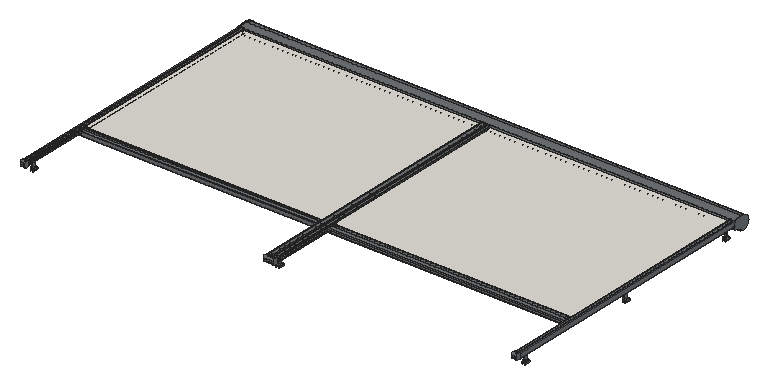
Revit family "Verano_V610_Oslo_GM-FB_R21", category Generic Models, host Face, Revit 2021
Family settings
  Host = Face
  Can host rebar = No
  Round Connector Dimension = Use Diameter
  Part Type = Normal
  Cut with Voids When Loaded = No
  Shared = No
  Room Calculation Point = No
Parameters
  Width Input (2000 - 10000mm) [instance] = 6000 mm
  Width [instance] = Overall Width Constraint  # 6000 mm
  Warning - Width [instance] = if(or([Width Input (2000 - 10000mm)] < Minimal Width, [Width Input (2000 - 10000mm)] > Maximal Width), 1 = 1, 1 = 0)  # no
  Warning - Size [instance] = if(or(Size1, Size2), 1 = 1, 1 = 0)  # no
  Warning - Idler [instance] = (if(or(I1, I2), 1 = 1, 1 = 0))  # no
  Wall Profile Offset [instance] = 95 mm  # constant formula
  Wall Offset [instance] = 73 mm
  Wall Gap [instance] = Wall Offset - 73 mm  # 0 mm
  URL = "https://verano.nl/catalogus/verandazonwering"
  Sliding Profile Wall Offset [instance] = Wall Offset + 126 mm  # 199 mm
  Sliding Profile Length [instance] = Overall Projection Constraint - 199 mm - 44 mm  # 3257 mm
  Size2 [instance] = if(and(Overall Width Constraint < 2500 mm, Overall Projection Constraint > 3500 mm), 1 = 1, 1 = 0)  # no
  Size1 [instance] = if(and(Overall Width Constraint < 2250 mm, Overall Projection Constraint > 2500 mm), 1 = 1, 1 = 0)  # no
  Projection (1500 - 5000mm) [instance] = 3500 mm
  Projection [instance] = Overall Projection Constraint  # 3500 mm
  Overall Width Constraint [instance] = if([Width Input (2000 - 10000mm)] < Minimal Width, Minimal Width, if([Width Input (2000 - 10000mm)] > Maximal Width, Maximal Width, [Width Input (2000 - 10000mm)]))  # 6000 mm
  Overall Projection Constraint [instance] = if([Projection (1500 - 5000mm)] < Minimal Projection, Minimal Projection, if([Projection (1500 - 5000mm)] > Maximal Projection, Maximal Projection, [Projection (1500 - 5000mm)]))  # 3500 mm
  Operation = "Electric"
  Number of Feet [instance] = if(and(Overall Projection Constraint > 1500 mm, Overall Projection Constraint < 2500 mm), 2, if(and(Overall Projection Constraint > 2501 mm, Overall Projection Constraint < 4000 mm), 3, 4))  # 3
  Model = "V610 Oslo"
  Minimal Width [instance] = 2000 mm  # constant formula
  Minimal Projection [instance] = 1500 mm  # constant formula
  Maximal Width [instance] = 10000 mm  # constant formula
  Maximal Projection [instance] = 5000 mm  # constant formula
  Manufacturer = "Verano Systems"
  I2 [instance] = if(and(Overall Width Constraint > 8000 mm, Overall Projection Constraint > 3500 mm), 1 = 1, 1 = 0)  # no
  I1 [instance] = if(and(Overall Width Constraint > 4000 mm, Overall Projection Constraint > 3500 mm), 1 = 1, 1 = 0)  # no
  Front Bar Offset [instance] = if(Closing Percentage Constraint = 0, 10 mm, (Sliding Profile Length - 46 mm) * Closing Percentage Constraint / 100)  # 2408.25 mm
  Front Bar Nesting Distance [instance] = Overall Width Constraint / 4  # 1500 mm
  Frame Material [instance] = V_Antracite
  Foot Divider [instance] = Overall Projection Constraint - 159 mm - 314 mm  # 3027 mm
  Foot Distance [instance] = Foot Divider / (Number of Feet - 1)  # 1513.5 mm
  Fabric Material [instance] = V_Fabric Beige
  Fabric Length [instance] = if(Closing Percentage Constraint = 0, 10 mm, (Sliding Profile Length - 46 mm) * Closing Percentage Constraint / 100)  # 2408.25 mm
  Description = "De verandazonwering Oslo fungeert als zonwering aan de bovenzijde van jouw overkapping."
  Default Elevation = 0 mm
  Closing percentage ( 1 - 100) [instance] = 75
  Closing Percentage Constraint [instance] = if([Closing percentage ( 1 - 100)] > 100, 100, if([Closing percentage ( 1 - 100)] < 0, 0, [Closing percentage ( 1 - 100)]))  # 75
  2 - Part Front Bar Length [instance] = Overall Width Constraint / 2 - 2 * 63 mm  # 2874 mm
  2 - Part [instance] = Overall Width Constraint > 5001 mm  # yes
  1 - Part Front Bar Length [instance] = Overall Width Constraint - 2 * 63 mm  # 5874 mm
  1 - Part [instance] = not(Overall Width Constraint > 5000 mm)  # no
Reference planes
  plane 1 "Center (Front/Back)": y = 0
  plane 2: z = 0
  plane 3 "Center (Left/Right)": x = 0
  plane 4: x = 3000
  plane 5: x = -3000
  plane 6 "Front 2": y = -199
  plane 7: x = -2973
  plane 8: x = 2973
  plane 9: x = -30
  plane 10: x = 30
  plane 11: y = -73
  plane 12: y = -3500
  plane 13: y = 0
  plane 14 "Fabric": z = 143
  plane 15: z = 144
  plane 16: z = 142
  plane 17: x = -15
  plane 18: x = 15
  plane 19: x = -2985
  plane 20: x = 2985
  plane 21 "Front 3": y = -3456
  plane 22: y = -2607.25
  plane 23: y = -314
  plane 24: y = -3341
  plane 25: y = -1827.5
  plane 26: x = -1500
  plane 27: x = 1500
Forms (mm)
  Extrusion 1, solid, material "V_Fabric Beige" <- "Fabric Material", visible <- "2 - Part"
    sketch origin (0, -199, 0) x (1, 0, 0) y (0, 0, 1)
      loop
        line (-2985, 144) -> (-2985, 142) -> (-15, 142) -> (-15, 144) -> (-2985, 144)
    from 0 to 2408.25 <- "Fabric Length"
  Extrusion 2, solid, material "V_Fabric Beige" <- "Fabric Material", visible <- "2 - Part"
    sketch origin (0, -199, 0) x (1, 0, 0) y (0, 0, 1)
      loop
        line (15, 144) -> (15, 142) -> (2985, 142) -> (2985, 144) -> (15, 144)
    from 0 to 2408.25 <- "Fabric Length"
  Extrusion 3, solid, material "V_Fabric Beige" <- "Fabric Material", visible <- "1 - Part"
    sketch origin (0, -199, 0) x (1, 0, 0) y (0, 0, 1)
      loop
        line (-2985, 144) -> (-2985, 142) -> (2985, 142) -> (2985, 144) -> (-2985, 144)
    from 0 to 2408.25 <- "Fabric Length"
Dimensions and locks
  equal spacing: plane 5, plane 3 "Center (Left/Right)", plane 4
  "Overall Width Constraint": plane 5 to plane 4
  "Sliding Profile Wall Offset": plane 6 "Front 2" to plane 1 "Center (Front/Back)"
  locked: plane 5 to plane 7 at 27
  locked: plane 8 to plane 4 at 27
  locked: plane 9 to plane 3 "Center (Left/Right)" at 30
  locked: plane 3 "Center (Left/Right)" to plane 10 at 30
  "Wall Offset": plane 11 to plane 1 "Center (Front/Back)"
  plane 6 "Front 2" to plane 11 = 126 mm
  "Overall Projection Constraint": plane 12 to plane 13
  "Wall Gap": plane 13 to plane 1 "Center (Front/Back)"
  locked: plane 14 "Fabric" to level at 143
  locked: plane 15 to plane 16 at 2
  equal spacing: plane 15, plane 14 "Fabric", plane 16
  locked: plane 3 "Center (Left/Right)" to plane 17 at 15
  locked: plane 18 to plane 3 "Center (Left/Right)" at 15
  locked: plane 19 to plane 5 at 15
  locked: plane 4 to plane 20 at 15
  "Sliding Profile Length": plane 21 "Front 3" to plane 6 "Front 2"
  "Front Bar Offset": plane 22 to plane 6 "Front 2"
  locked: plane 24 to plane 21 "Front 3" at 115
  plane 24 to plane 23 = 3027 mm
  locked: plane 23 to plane 6 "Front 2" at 115
  "Foot Distance": plane 25 to plane 23
  equal spacing: group 1, group 2, group 3  (x2)
  equal spacing: group 3, group 2, group 1
  equal spacing: group 4, group 5, group 6  (x2)
  equal spacing: group 6, group 5, group 4
  equal spacing: group 7, group 8, group 9  (x2)
  equal spacing: group 9, group 8, group 7
  "Front Bar Nesting Distance": plane 5 to plane 26
  "Front Bar Nesting Distance": plane 27 to plane 4
  aligned and locked: host face to plane 2
  aligned and locked: host face to level
  aligned and locked: nested 2 to plane 6 "Front 2"
  aligned and locked: nested 2 to plane 7
  aligned and locked: nested 3 to plane 6 "Front 2"
  aligned and locked: nested 3 to plane 8
  aligned and locked: plane 6 "Front 2" to nested 4
  aligned and locked: nested 4 to plane 3 "Center (Left/Right)"
  aligned and locked: nested 1 to plane 11
  aligned and locked: plane 3 "Center (Left/Right)" to nested 1
  aligned and locked: Extrusion 1 to plane 19
  aligned and locked: plane 15 to Extrusion 1
  aligned and locked: Extrusion 1 to plane 16
  aligned and locked: plane 17 to Extrusion 1
  aligned and locked: Extrusion 2 sketch curve to plane 15
  aligned and locked: Extrusion 2 sketch curve to plane 16
  aligned and locked: Extrusion 2 sketch curve to plane 20
  aligned and locked: Extrusion 2 sketch curve to plane 18
  aligned and locked: Extrusion 3 sketch curve to plane 19
  aligned and locked: Extrusion 3 sketch curve to plane 15
  aligned and locked: Extrusion 3 sketch curve to plane 16
  aligned and locked: Extrusion 3 sketch curve to plane 20
  aligned and locked: nested 5 to plane 3 "Center (Left/Right)"
  aligned and locked: nested 5 to plane 22
  aligned and locked: plane 7 to nested 7
  aligned and locked: plane 8 to nested 8
  aligned and locked: plane 23 to nested 7
  aligned and locked: plane 23 to nested 6
  aligned and locked: plane 23 to nested 8
  aligned and locked: nested 9 to plane 25
  aligned and locked: nested 9 to plane 7
  aligned and locked: nested 11 to plane 25
  aligned and locked: nested 11 to plane 8
  aligned and locked: nested 13 to plane 25
  aligned and locked: nested 13 to plane 3 "Center (Left/Right)"
  aligned and locked: nested 15 to plane 22
  aligned and locked: nested 15 to plane 26
  aligned and locked: nested 16 to plane 22
  aligned and locked: nested 16 to plane 27
Automatic sketch dimensions
  host sketch curve to host sketch curve = 7358.393 mm
  host sketch curve to host sketch curve = 7720.161 mm
  Extrusion 1 sketch curve to plane 16 = 0 mm
  Extrusion 1 sketch curve to plane 19 = 0 mm
  Extrusion 1 sketch curve to plane 17 = 0 mm
  Extrusion 1 sketch curve to plane 15 = 0 mm
Nested families
  nested 1: "Wall Part" at (0, 0, 95), built-in parameter 1001360 <- "Wall Profile Offset", type "Wall Part"
    with Minimal Wall Distance 73 mm, Length 6000 mm
  nested 2: "Sliding Profile" at (-2973, -199, 0), type "Sliding Profile"
    with Sliding Profile Length 3257 mm
  nested 3: "Sliding Profile" at (2973, -199, 0) x (-1, 0, 0) z (0, 0, 1), type "Sliding Profile"
    with Sliding Profile Length 3257 mm
  nested 4: "Sliding Profile Middle" at (0, -199, 0), visible <- "2 - Part", type "Sliding Profile Middle"
    with Sliding Profile Length 3257 mm
  nested 5: "Front Bar" at (0, -2607.25, 143), visible <- "1 - Part", type "Front Bar"
    with Length 5874 mm
  nested 6: "Foot" at (0, -314, 0), visible <- "2 - Part", type "Foot"
  nested 7: "Foot" at (-2973, -314, 0), type "Foot"
  nested 8: "Foot" at (2973, -314, 0), type "Foot"
  nested 9: "Foot" at (-2973, -1827.5, 0), type "Foot"
  nested 10: "Foot" at (-2973, -3341, 0), type "Foot"
  nested 11: "Foot" at (2973, -1827.5, 0), type "Foot"
  nested 12: "Foot" at (2973, -3341, 0), type "Foot"
  nested 13: "Foot" at (0, -1827.5, 0), visible <- "2 - Part", type "Foot"
  nested 14: "Foot" at (0, -3341, 0), visible <- "2 - Part", type "Foot"
  nested 15: "Front Bar" at (-1500, -2607.25, 143), visible <- "2 - Part", type "Front Bar 2 - Part"
    with Length 2874 mm
  nested 16: "Front Bar" at (1500, -2607.25, 143), visible <- "2 - Part", type "Front Bar 2 - Part"
    with Length 2874 mm
Definition of nested family "Wall Part"
  Parameters (values of type "Wall Part")
    Minimal Wall Distance = 173 mm
    Length = 3000 mm
    Frame Material = none
    Default Elevation = 0 mm
  Reference planes
    plane 1 "Center (Front/Back)": y = 0
    plane 2: z = 0
    plane 3 "Center (Left/Right)": x = 0
    plane 4 "Right": x = 1500
    plane 5 "Left": x = -1500
    plane 6: x = -1493
    plane 7: x = 1493
    plane 8: y = -73
  Forms (mm)
    Extrusion 1, solid, material <- "Frame Material"
      sketch origin (0, 0, 0) x (0, 1, 0) y (0, 0, 1)
        loop
          arc (-94.289, 81.637) -> (-145.741, 81.803) -> (-196.854, 75.9) r 435.635
          line (-196.854, 75.9) -> (-196.854, 70.44) -> (-194.854, 70.44) -> (-194.854, 74.218)
          arc (-194.854, 74.218) -> (-144.768, 79.853) -> (-94.367, 79.638) r 433.635
          arc (-94.367, 79.638) -> (-68.04, 76.793) -> (-42.677, 69.184) r 144.254
          arc (-42.677, 69.184) -> (-15.531, 47.615) -> (-4.524, 14.738) r 61
          line (-4.524, 14.738) -> (-4, -0.256)
          arc (-4, -0.256) -> (-24.3, -48.881) -> (-73, -69) r 69
          line (-73, -69) -> (-77.834, -69)
          arc (-77.834, -69) -> (-112.807, -59.48) -> (-138.13, -33.547) r 69
          arc (-138.13, -33.547) -> (-163.082, -27.222) -> (-187.804, -20.05) r 753.644
          arc (-187.804, -20.05) -> (-192.901, -16.432) -> (-194.854, -10.495) r 10
          line (-194.854, -10.495) -> (-194.854, 21.539) -> (-196.854, 21.539) -> (-196.854, -10.495)
          arc (-196.854, -10.495) -> (-194.51, -17.619) -> (-188.394, -21.961) r 12
          arc (-188.394, -21.961) -> (-164.03, -29.037) -> (-139.441, -35.292) r 755.644
          arc (-139.441, -35.292) -> (-113.438, -61.428) -> (-77.834, -71) r 71
          line (-77.834, -71) -> (-73, -71)
          arc (-73, -71) -> (-22.875, -50.284) -> (-2, -0.225) r 71
          line (-2, -0.225) -> (-2.525, 14.808)
          arc (-2.525, 14.808) -> (-13.893, 48.763) -> (-41.929, 71.039) r 63
          arc (-41.929, 71.039) -> (-67.621, 78.749) -> (-94.289, 81.637) r 146.254
      from -1493 to 1493
    Extrusion 2, solid, material <- "Frame Material"
      sketch origin (-1500, 0, 0) x (0, 1, 0) y (0, 0, 1)
        loop
          arc (-197.2, 77.87) -> (-198.386, 77.186) -> (-198.854, 75.9) r 2
          line (-198.854, 75.9) -> (-198.854, -10.495)
          arc (-198.854, -10.495) -> (-196.119, -18.807) -> (-188.984, -23.872) r 14
          arc (-188.984, -23.872) -> (-165.775, -30.634) -> (-142.363, -36.652) r 757.644
          arc (-142.363, -36.652) -> (-140.953, -37.3) -> (-139.896, -38.435) r 4
          arc (-139.896, -38.435) -> (-113.353, -63.776) -> (-77.834, -73) r 73
          line (-77.834, -73) -> (-73, -73)
          arc (-73, -73) -> (-21.449, -51.687) -> (0, -0.193) r 73
          line (0, -0.193) -> (-0.527, 14.878)
          arc (-0.527, 14.878) -> (-12.255, 49.911) -> (-41.181, 72.894) r 65
          arc (-41.181, 72.894) -> (-67.201, 80.705) -> (-94.21, 83.636) r 148.254
          arc (-94.21, 83.636) -> (-145.876, 83.798) -> (-197.2, 77.87) r 437.635
      from 0 to 7
    Extrusion 3, solid, material <- "Frame Material"
      sketch origin (1500, 0, 0) x (0, 1, 0) y (0, 0, -1)
        loop
          arc (-197.2, -77.87) -> (-145.876, -83.798) -> (-94.21, -83.636) r 437.635
          arc (-94.21, -83.636) -> (-67.201, -80.705) -> (-41.181, -72.894) r 148.254
          arc (-41.181, -72.894) -> (-12.255, -49.911) -> (-0.527, -14.878) r 65
          line (-0.527, -14.878) -> (0, 0.193)
          arc (0, 0.193) -> (-21.449, 51.687) -> (-73, 73) r 73
          line (-73, 73) -> (-77.834, 73)
          arc (-77.834, 73) -> (-113.353, 63.776) -> (-139.896, 38.435) r 73
          arc (-139.896, 38.435) -> (-140.953, 37.3) -> (-142.363, 36.652) r 4
          arc (-142.363, 36.652) -> (-165.775, 30.634) -> (-188.984, 23.872) r 757.644
          arc (-188.984, 23.872) -> (-196.119, 18.807) -> (-198.854, 10.495) r 14
          line (-198.854, 10.495) -> (-198.854, -75.9)
          arc (-198.854, -75.9) -> (-198.386, -77.186) -> (-197.2, -77.87) r 2
      from 0 to 7
  Dimensions and locks
    equal spacing: plane 5 "Left", plane 3 "Center (Left/Right)", plane 4 "Right"
    "Length": plane 5 "Left" to plane 4 "Right"
    locked: plane 5 "Left" to plane 6 at 7
    locked: plane 7 to plane 4 "Right" at 7
    aligned and locked: level to plane 2
    aligned and locked: Extrusion 1 to plane 6
    aligned and locked: plane 7 to Extrusion 1
    aligned and locked: Extrusion 2 to plane 5 "Left"
    aligned and locked: plane 6 to Extrusion 2
    aligned and locked: plane 4 "Right" to Extrusion 3
    aligned and locked: Extrusion 3 to plane 7
  Automatic sketch dimensions
    Extrusion 1 sketch curve to Extrusion 1 sketch curve = 0 mm  (x14)
    Extrusion 1 sketch curve to level = 0 mm  (x2)
    Extrusion 1 sketch curve to plane 8 = 0 mm
    plane 8 to Extrusion 1 sketch curve = 4.834 mm
    Extrusion 1 sketch curve to Extrusion 1 sketch curve = 18.803 mm
    plane 8 to Extrusion 1 sketch curve = 48.41 mm
    Extrusion 1 sketch curve to level = 10.495 mm
    Extrusion 1 sketch curve to Extrusion 1 sketch curve = 88.217 mm
    Extrusion 1 sketch curve to Extrusion 1 sketch curve = 10 mm  (x2)
    Extrusion 1 sketch curve to Extrusion 1 sketch curve = 2 mm  (x2)
    Extrusion 1 sketch curve to plane 8 = 7.513 mm
    plane 1 "Center (Front/Back)" to Extrusion 1 sketch curve = 4.524 mm
    Extrusion 1 sketch curve to level = 0.256 mm
    plane 1 "Center (Front/Back)" to Extrusion 1 sketch curve = 4 mm
    Extrusion 1 sketch curve to Extrusion 1 sketch curve = 1.999 mm
    Extrusion 1 sketch curve to level = 0.225 mm
    plane 1 "Center (Front/Back)" to Extrusion 1 sketch curve = 2 mm
    Extrusion 1 sketch curve to plane 1 "Center (Front/Back)" = 34.529 mm
    Extrusion 1 sketch curve to Extrusion 1 sketch curve = 282.152 mm
    Extrusion 1 sketch curve to Extrusion 1 sketch curve = 4.403 mm
    level to Extrusion 1 sketch curve = 12.609 mm
    level to Extrusion 1 sketch curve = 14.738 mm
    Extrusion 1 sketch curve to Extrusion 1 sketch curve = 0.07 mm
    level to Extrusion 1 sketch curve = 21.539 mm
    Extrusion 1 sketch curve to Extrusion 1 sketch curve = 48.901 mm
    Extrusion 1 sketch curve to Extrusion 1 sketch curve = 3.778 mm
    Extrusion 1 sketch curve to Extrusion 1 sketch curve = 1.682 mm
    Extrusion 1 sketch curve to Extrusion 1 sketch curve = 624.152 mm
    Extrusion 1 sketch curve to Extrusion 1 sketch curve = 28.802 mm
    Extrusion 1 sketch curve to Extrusion 1 sketch curve = 0.078 mm
    Extrusion 1 sketch curve to level = 33.547 mm
    Extrusion 1 sketch curve to Extrusion 1 sketch curve = 1.311 mm
    Extrusion 2 sketch curve to level = 0 mm  (x2)
    Extrusion 2 sketch curve to plane 8 = 0 mm
    plane 8 to Extrusion 2 sketch curve = 4.834 mm
    Extrusion 2 sketch curve to Extrusion 2 sketch curve = 18.803 mm
    plane 8 to Extrusion 2 sketch curve = 48.41 mm
    Extrusion 2 sketch curve to Extrusion 2 sketch curve = 46.66 mm
    Extrusion 2 sketch curve to level = 10.495 mm
    Extrusion 2 sketch curve to Extrusion 2 sketch curve = 41.557 mm
    Extrusion 2 sketch curve to Extrusion 2 sketch curve = 12 mm
    Extrusion 2 sketch curve to Extrusion 2 sketch curve = 14 mm
    Extrusion 2 sketch curve to plane 8 = 7.513 mm
    plane 1 "Center (Front/Back)" to Extrusion 2 sketch curve = 0.527 mm
    plane 1 "Center (Front/Back)" to Extrusion 2 sketch curve = 0 mm
    Extrusion 2 sketch curve to plane 1 "Center (Front/Back)" = 34.529 mm
    Extrusion 2 sketch curve to level = 40.541 mm
    Extrusion 2 sketch curve to Extrusion 2 sketch curve = 24.056 mm
    Extrusion 2 sketch curve to Extrusion 2 sketch curve = 8.403 mm
    Extrusion 2 sketch curve to Extrusion 2 sketch curve = 280.152 mm
    level to Extrusion 2 sketch curve = 12.609 mm
    level to Extrusion 2 sketch curve = 14.878 mm
    level to Extrusion 2 sketch curve = 75.9 mm
    Extrusion 2 sketch curve to Extrusion 2 sketch curve = 622.183 mm
    plane 8 to Extrusion 2 sketch curve = 21.21 mm
    Extrusion 2 sketch curve to Extrusion 2 sketch curve = 3.401 mm
    Extrusion 2 sketch curve to Extrusion 2 sketch curve = 0 mm  (x2)
    Extrusion 2 sketch curve to Extrusion 2 sketch curve = 2.467 mm
    Extrusion 2 sketch curve to plane 8 = 31.819 mm
    Extrusion 3 sketch curve to level = 0 mm  (x2)
    Extrusion 3 sketch curve to plane 8 = 0 mm
    plane 8 to Extrusion 3 sketch curve = 4.834 mm
    Extrusion 3 sketch curve to Extrusion 3 sketch curve = 18.803 mm
    plane 8 to Extrusion 3 sketch curve = 48.41 mm
    Extrusion 3 sketch curve to Extrusion 3 sketch curve = 46.66 mm
    Extrusion 3 sketch curve to level = 10.495 mm
    Extrusion 3 sketch curve to Extrusion 3 sketch curve = 41.557 mm
    Extrusion 3 sketch curve to Extrusion 3 sketch curve = 12 mm
    Extrusion 3 sketch curve to Extrusion 3 sketch curve = 14 mm
    Extrusion 3 sketch curve to plane 8 = 7.513 mm
    plane 1 "Center (Front/Back)" to Extrusion 3 sketch curve = 0.527 mm
    plane 1 "Center (Front/Back)" to Extrusion 3 sketch curve = 0 mm
    Extrusion 3 sketch curve to plane 1 "Center (Front/Back)" = 34.529 mm
    level to Extrusion 3 sketch curve = 12.609 mm
    level to Extrusion 3 sketch curve = 14.878 mm
    level to Extrusion 3 sketch curve = 75.9 mm
    Extrusion 3 sketch curve to Extrusion 3 sketch curve = 624.152 mm
    Extrusion 3 sketch curve to level = 0.193 mm
    Extrusion 3 sketch curve to level = 40.541 mm
    Extrusion 3 sketch curve to Extrusion 3 sketch curve = 8.403 mm
    Extrusion 3 sketch curve to Extrusion 3 sketch curve = 280.152 mm
    plane 8 to Extrusion 3 sketch curve = 21.21 mm
    Extrusion 3 sketch curve to Extrusion 3 sketch curve = 3.401 mm
    Extrusion 3 sketch curve to Extrusion 3 sketch curve = 0 mm  (x2)
    Extrusion 3 sketch curve to Extrusion 3 sketch curve = 2.467 mm
    Extrusion 3 sketch curve to plane 8 = 31.819 mm
Definition of nested family "Sliding Profile"
  Parameters (values of type "Sliding Profile")
    Sliding Profile Length = 1000 mm
    Frame Material = none
    Default Elevation = 0 mm
  Reference planes
    plane 1 "Center (Front/Back)": y = 0
    plane 2: z = 0
    plane 3 "Center (Left/Right)": x = 0
    plane 4: y = -1000
  Forms (mm)
    Extrusion 1, solid, material <- "Frame Material"
      sketch origin (0, 0, 0) x (1, 0, 0) y (0, 0, 1)
        loop
          line (25.307, 169.416) -> (-22.749, 169.416)
          arc (-22.749, 169.416) -> (-25.577, 168.245) -> (-26.749, 165.416) r 4
          line (-26.749, 165.416) -> (-26.75, 108.382)
          arc (-26.75, 108.382) -> (-25.567, 105.576) -> (-22.75, 104.416) r 4
          line (-22.75, 104.416) -> (-5.25, 104.416) -> (-5.25, 106.216) -> (-14.95, 106.216) -> (-14.95, 116.315) -> (6.558, 116.315) -> (11.85, 113.26) -> (11.85, 106.216) -> (5.25, 106.216) -> (5.25, 104.416) -> (25.307, 104.416)
          arc (25.307, 104.416) -> (28.252, 104.86) -> (30.935, 106.15) r 10
          arc (30.935, 106.15) -> (32.862, 108.304) -> (33.558, 111.11) r 6
          line (33.558, 111.11) -> (33.558, 126.916)
          arc (33.558, 126.916) -> (31.11, 128.078) -> (31.758, 125.447) r 1.5
          line (31.758, 125.447) -> (31.758, 111.11)
          arc (31.758, 111.11) -> (31.271, 109.146) -> (29.922, 107.638) r 4.2
          arc (29.922, 107.638) -> (27.722, 106.58) -> (25.307, 106.216) r 8.2
          line (25.307, 106.216) -> (13.65, 106.216) -> (13.65, 112.971)
          arc (13.65, 112.971) -> (13.342, 114.121) -> (12.5, 114.963) r 2.3
          line (12.5, 114.963) -> (7.575, 117.806)
          arc (7.575, 117.806) -> (7.02, 118.037) -> (6.424, 118.115) r 2.3
          line (6.424, 118.115) -> (-4.449, 118.116) -> (-4.449, 127.416) -> (2.451, 127.416)
          arc (2.451, 127.416) -> (4.007, 128.06) -> (4.651, 129.616) r 2.2
          line (4.651, 129.616) -> (4.651, 132.216) -> (2.851, 132.216) -> (2.851, 129.216) -> (-12.949, 129.216)
          arc (-12.949, 129.216) -> (-13.656, 129.509) -> (-13.949, 130.216) r 1
          line (-13.949, 130.216) -> (-13.949, 158.216)
          arc (-13.949, 158.216) -> (-13.656, 158.923) -> (-12.949, 159.216) r 1
          line (-12.949, 159.216) -> (2.851, 159.216) -> (2.851, 156.216) -> (4.651, 156.216) -> (4.651, 158.816)
          arc (4.651, 158.816) -> (4.007, 160.372) -> (2.451, 161.016) r 2.2
          line (2.451, 161.016) -> (-4.449, 161.016) -> (-4.449, 167.616) -> (25.307, 167.616)
          arc (25.307, 167.616) -> (27.722, 167.253) -> (29.922, 166.195) r 8.2
          arc (29.922, 166.195) -> (30.83, 165.356) -> (31.455, 164.29) r 4.2
          arc (31.455, 164.29) -> (31.212, 161.678) -> (33.557, 162.852) r 1.5
          arc (33.557, 162.852) -> (32.832, 165.585) -> (30.935, 167.682) r 6
          arc (30.935, 167.682) -> (28.252, 168.973) -> (25.307, 169.416) r 10
      from 0 to 1000 <- "Sliding Profile Length"
    Extrusion 2, solid, material <- "Frame Material"
      sketch origin (0, 0, 0) x (0, 1, 0) y (0, 0, 1)
        loop
          arc (-1044, 124.416) -> (-1038.142, 110.274) -> (-1024, 104.416) r 20
          line (-1024, 104.416) -> (-1000, 104.416) -> (-1000, 169.416) -> (-1024, 169.416)
          arc (-1024, 169.416) -> (-1038.142, 163.558) -> (-1044, 149.416) r 20
          line (-1044, 149.416) -> (-1044, 124.416)
      from -26.75 to 33.558
  Dimensions and locks
    "Sliding Profile Length": plane 4 to plane 1 "Center (Front/Back)"
    aligned and locked: level to plane 2
  Automatic sketch dimensions
    Extrusion 1 sketch curve to Extrusion 1 sketch curve = 0 mm  (x19)
    Extrusion 1 sketch curve to plane 3 "Center (Left/Right)" = 26.75 mm
    Extrusion 1 sketch curve to Extrusion 1 sketch curve = 4 mm  (x2)
    Extrusion 1 sketch curve to plane 3 "Center (Left/Right)" = 22.749 mm
    Extrusion 1 sketch curve to Extrusion 1 sketch curve = 7.801 mm
    Extrusion 1 sketch curve to Extrusion 1 sketch curve = 1.001 mm
    Extrusion 1 sketch curve to Extrusion 1 sketch curve = 1 mm  (x2)
    Extrusion 1 sketch curve to plane 3 "Center (Left/Right)" = 5.25 mm
    Extrusion 1 sketch curve to plane 3 "Center (Left/Right)" = 4.449 mm  (x2)
    plane 3 "Center (Left/Right)" to Extrusion 1 sketch curve = 2.451 mm  (x2)
    Extrusion 1 sketch curve to Extrusion 1 sketch curve = 0.4 mm  (x4)
    Extrusion 1 sketch curve to Extrusion 1 sketch curve = 1.8 mm  (x9)
    plane 3 "Center (Left/Right)" to Extrusion 1 sketch curve = 5.25 mm
    plane 3 "Center (Left/Right)" to Extrusion 1 sketch curve = 6.424 mm
    Extrusion 1 sketch curve to Extrusion 1 sketch curve = 0.134 mm
    Extrusion 1 sketch curve to Extrusion 1 sketch curve = 1.151 mm
    Extrusion 1 sketch curve to Extrusion 1 sketch curve = 4.926 mm
    Extrusion 1 sketch curve to Extrusion 1 sketch curve = 0.5 mm
    Extrusion 1 sketch curve to Extrusion 1 sketch curve = 20.656 mm
    Extrusion 1 sketch curve to Extrusion 1 sketch curve = 11.657 mm
    Extrusion 1 sketch curve to Extrusion 1 sketch curve = 2.251 mm  (x2)
    Extrusion 1 sketch curve to Extrusion 1 sketch curve = 6.451 mm
    Extrusion 1 sketch curve to Extrusion 1 sketch curve = 0.3 mm
    Extrusion 1 sketch curve to Extrusion 1 sketch curve = 4.5 mm
    level to Extrusion 1 sketch curve = 104.416 mm
    Extrusion 1 sketch curve to Extrusion 1 sketch curve = 3.966 mm
    Extrusion 1 sketch curve to Extrusion 1 sketch curve = 4.894 mm
    Extrusion 1 sketch curve to Extrusion 1 sketch curve = 6.755 mm
    Extrusion 1 sketch curve to Extrusion 1 sketch curve = 0.289 mm
    Extrusion 1 sketch curve to Extrusion 1 sketch curve = 3.306 mm  (x2)
    Extrusion 1 sketch curve to Extrusion 1 sketch curve = 2.844 mm
    Extrusion 1 sketch curve to Extrusion 1 sketch curve = 10.099 mm
    Extrusion 1 sketch curve to Extrusion 1 sketch curve = 1.491 mm
    Extrusion 1 sketch curve to Extrusion 1 sketch curve = 11.03 mm
    Extrusion 1 sketch curve to Extrusion 1 sketch curve = 9.3 mm
    Extrusion 1 sketch curve to Extrusion 1 sketch curve = 2.6 mm
    Extrusion 1 sketch curve to Extrusion 1 sketch curve = 24 mm
    Extrusion 1 sketch curve to Extrusion 1 sketch curve = 2 mm
    Extrusion 1 sketch curve to Extrusion 1 sketch curve = 0.6 mm
    Extrusion 1 sketch curve to Extrusion 1 sketch curve = 0.194 mm
    Extrusion 1 sketch curve to Extrusion 1 sketch curve = 7.2 mm
    Extrusion 1 sketch curve to Extrusion 1 sketch curve = 6.6 mm
    Extrusion 1 sketch curve to Extrusion 1 sketch curve = 0.001 mm
    Extrusion 1 sketch curve to Extrusion 1 sketch curve = 0.65 mm
    Extrusion 1 sketch curve to Extrusion 1 sketch curve = 1.836 mm
    Extrusion 1 sketch curve to Extrusion 1 sketch curve = 2.136 mm
    Extrusion 1 sketch curve to Extrusion 1 sketch curve = 1.013 mm  (x2)
    Extrusion 1 sketch curve to Extrusion 1 sketch curve = 0.603 mm
    Extrusion 1 sketch curve to Extrusion 1 sketch curve = 1.499 mm
    Extrusion 1 sketch curve to Extrusion 1 sketch curve = 0.065 mm
    Extrusion 2 sketch curve to plane 4 = 0 mm
    Extrusion 2 sketch curve to plane 4 = 24 mm
    Extrusion 2 sketch curve to Extrusion 2 sketch curve = 24 mm
    level to Extrusion 2 sketch curve = 104.416 mm
    Extrusion 2 sketch curve to Extrusion 2 sketch curve = 20 mm
    Extrusion 2 sketch curve to Extrusion 2 sketch curve = 25 mm
Definition of nested family "Sliding Profile Middle"
  Parameters
    Sliding Profile Length = 500 mm
    Frame Material = none
    Default Elevation = 0 mm
  Reference planes
    plane 1 "Center (Front/Back)": y = 0
    plane 2: z = 0
    plane 3 "Center (Left/Right)": x = 0
    plane 4: y = -500
  Forms (mm)
    Extrusion 1, solid, material <- "Frame Material"
      sketch origin (0, 0, 0) x (1, 0, 0) y (0, 0, 1)
        loop
          line (-4.001, 169.416) -> (-52.057, 169.416)
          arc (-52.057, 169.416) -> (-55, 168.973) -> (-57.683, 167.684) r 10
          arc (-57.683, 167.684) -> (-59.581, 165.586) -> (-60.307, 162.852) r 6
          arc (-60.307, 162.852) -> (-57.961, 161.678) -> (-58.205, 164.29) r 1.5
          arc (-58.205, 164.29) -> (-57.58, 165.356) -> (-56.672, 166.195) r 4.2
          arc (-56.672, 166.195) -> (-54.471, 167.253) -> (-52.057, 167.616) r 8.2
          line (-52.057, 167.616) -> (-22.301, 167.616) -> (-22.301, 161.016) -> (-29.201, 161.016)
          arc (-29.201, 161.016) -> (-30.756, 160.372) -> (-31.401, 158.816) r 2.2
          line (-31.401, 158.816) -> (-31.401, 156.166) -> (-29.601, 156.166) -> (-29.601, 159.216) -> (-13.801, 159.216)
          arc (-13.801, 159.216) -> (-13.094, 158.923) -> (-12.801, 158.216) r 1
          line (-12.801, 158.216) -> (-12.801, 130.216)
          arc (-12.801, 130.216) -> (-13.094, 129.509) -> (-13.801, 129.216) r 1
          line (-13.801, 129.216) -> (-29.601, 129.216) -> (-29.601, 132.266) -> (-31.401, 132.266) -> (-31.401, 129.616)
          arc (-31.401, 129.616) -> (-30.756, 128.06) -> (-29.201, 127.416) r 2.2
          line (-29.201, 127.416) -> (-22.301, 127.416) -> (-22.301, 118.616)
          arc (-22.301, 118.616) -> (-21.627, 116.989) -> (-20.001, 116.316) r 2.3
          line (-20.001, 116.316) -> (-15.2, 116.316) -> (-15.2, 106.216) -> (-52.057, 106.216)
          arc (-52.057, 106.216) -> (-54.471, 106.58) -> (-56.671, 107.638) r 8.2
          arc (-56.671, 107.638) -> (-58.021, 109.146) -> (-58.508, 111.11) r 4.2
          line (-58.508, 111.11) -> (-58.508, 125.447)
          arc (-58.508, 125.447) -> (-57.86, 128.078) -> (-60.308, 126.916) r 1.5
          line (-60.308, 126.916) -> (-60.308, 111.11)
          arc (-60.308, 111.11) -> (-59.612, 108.304) -> (-57.684, 106.149) r 6
          arc (-57.684, 106.149) -> (-55.001, 104.859) -> (-52.057, 104.416) r 10
          line (-52.057, 104.416) -> (-5.25, 104.416) -> (-5.25, 106.216) -> (-13.4, 106.216) -> (-13.4, 116.315) -> (-4.001, 116.315)
          arc (-4.001, 116.315) -> (-2.31, 116.69) -> (-0.937, 117.744) r 4
          arc (-0.937, 117.744) -> (0, 118.181) -> (0.937, 117.744) r 1.223
          arc (0.937, 117.744) -> (2.31, 116.69) -> (4.001, 116.316) r 4
          line (4.001, 116.316) -> (13.4, 116.315) -> (13.4, 106.216) -> (5.25, 106.216) -> (5.25, 104.416) -> (52.057, 104.416)
          arc (52.057, 104.416) -> (55.001, 104.859) -> (57.684, 106.149) r 10
          arc (57.684, 106.149) -> (59.612, 108.304) -> (60.308, 111.11) r 6
          line (60.308, 111.11) -> (60.308, 126.916)
          arc (60.308, 126.916) -> (57.86, 128.078) -> (58.508, 125.447) r 1.5
          line (58.508, 125.447) -> (58.508, 111.11)
          arc (58.508, 111.11) -> (58.021, 109.146) -> (56.673, 107.639) r 4.2
          arc (56.673, 107.639) -> (54.43, 106.567) -> (51.97, 106.217) r 8.2
          line (51.97, 106.217) -> (15.2, 106.217) -> (15.2, 116.316) -> (20.001, 116.316)
          arc (20.001, 116.316) -> (21.627, 116.989) -> (22.301, 118.616) r 2.3
          line (22.301, 118.616) -> (22.301, 127.416) -> (29.201, 127.416)
          arc (29.201, 127.416) -> (30.756, 128.06) -> (31.401, 129.616) r 2.2
          line (31.401, 129.616) -> (31.401, 132.266) -> (29.601, 132.266) -> (29.601, 129.216) -> (13.801, 129.216)
          arc (13.801, 129.216) -> (13.094, 129.509) -> (12.801, 130.216) r 1
          line (12.801, 130.216) -> (12.801, 158.216)
          arc (12.801, 158.216) -> (13.094, 158.923) -> (13.801, 159.216) r 1
          line (13.801, 159.216) -> (29.601, 159.216) -> (29.601, 156.166) -> (31.401, 156.166) -> (31.401, 158.816)
          arc (31.401, 158.816) -> (30.756, 160.372) -> (29.201, 161.016) r 2.2
          line (29.201, 161.016) -> (22.301, 161.016) -> (22.301, 167.616) -> (52.057, 167.616)
          arc (52.057, 167.616) -> (54.471, 167.253) -> (56.67, 166.196) r 8.2
          arc (56.67, 166.196) -> (57.579, 165.357) -> (58.205, 164.29) r 4.2
          arc (58.205, 164.29) -> (57.961, 161.678) -> (60.307, 162.852) r 1.5
          arc (60.307, 162.852) -> (59.581, 165.586) -> (57.683, 167.683) r 6
          arc (57.683, 167.683) -> (55.001, 168.973) -> (52.057, 169.416) r 10
          line (52.057, 169.416) -> (4.001, 169.416)
          arc (4.001, 169.416) -> (1.918, 168.831) -> (0.445, 167.247) r 4
          arc (0.445, 167.247) -> (0, 166.976) -> (-0.445, 167.247) r 0.5
          arc (-0.445, 167.247) -> (-1.918, 168.831) -> (-4.001, 169.416) r 4
      from 0 to 500 <- "Sliding Profile Length"
    Extrusion 2, solid, material <- "Frame Material"
      sketch origin (0, 0, 0) x (0, 1, 0) y (0, 0, 1)
        loop
          arc (-544, 124.416) -> (-538.142, 110.274) -> (-524, 104.416) r 20
          line (-524, 104.416) -> (-500, 104.416) -> (-500, 169.416) -> (-524, 169.416)
          arc (-524, 169.416) -> (-538.142, 163.558) -> (-544, 149.416) r 20
          line (-544, 149.416) -> (-544, 124.416)
      from -60.307 to 60.308
  Dimensions and locks
    "Sliding Profile Length": plane 4 to plane 1 "Center (Front/Back)"
    aligned and locked: level to plane 2
  Automatic sketch dimensions
    Extrusion 1 sketch curve to Extrusion 1 sketch curve = 0 mm  (x29)
    Extrusion 1 sketch curve to plane 3 "Center (Left/Right)" = 0 mm  (x2)
    Extrusion 1 sketch curve to plane 3 "Center (Left/Right)" = 4.001 mm  (x2)
    Extrusion 1 sketch curve to plane 3 "Center (Left/Right)" = 5.25 mm
    Extrusion 1 sketch curve to Extrusion 1 sketch curve = 8.8 mm  (x4)
    Extrusion 1 sketch curve to Extrusion 1 sketch curve = 9.399 mm
    Extrusion 1 sketch curve to Extrusion 1 sketch curve = 1 mm  (x4)
    Extrusion 1 sketch curve to Extrusion 1 sketch curve = 1.8 mm  (x14)
    Extrusion 1 sketch curve to Extrusion 1 sketch curve = 4.801 mm  (x2)
    Extrusion 1 sketch curve to Extrusion 1 sketch curve = 8.5 mm  (x4)
    Extrusion 1 sketch curve to Extrusion 1 sketch curve = 6.9 mm  (x4)
    Extrusion 1 sketch curve to Extrusion 1 sketch curve = 0.4 mm  (x8)
    Extrusion 1 sketch curve to Extrusion 1 sketch curve = 20.656 mm  (x3)
    Extrusion 1 sketch curve to Extrusion 1 sketch curve = 2.251 mm  (x4)
    Extrusion 1 sketch curve to Extrusion 1 sketch curve = 6.451 mm
    Extrusion 1 sketch curve to Extrusion 1 sketch curve = 4.5 mm  (x2)
    Extrusion 1 sketch curve to Extrusion 1 sketch curve = 0.3 mm  (x2)
    Extrusion 1 sketch curve to Extrusion 1 sketch curve = 1.5 mm
    plane 3 "Center (Left/Right)" to Extrusion 1 sketch curve = 4.001 mm  (x2)
    plane 3 "Center (Left/Right)" to Extrusion 1 sketch curve = 5.25 mm
    Extrusion 1 sketch curve to Extrusion 1 sketch curve = 8.15 mm
    Extrusion 1 sketch curve to Extrusion 1 sketch curve = 22.769 mm
    Extrusion 1 sketch curve to Extrusion 1 sketch curve = 0.087 mm
    Extrusion 1 sketch curve to Extrusion 1 sketch curve = 4.2 mm
    level to Extrusion 1 sketch curve = 104.416 mm
    Extrusion 1 sketch curve to Extrusion 1 sketch curve = 4.894 mm
    Extrusion 1 sketch curve to Extrusion 1 sketch curve = 4.893 mm
    Extrusion 1 sketch curve to Extrusion 1 sketch curve = 3.306 mm  (x4)
    Extrusion 1 sketch curve to Extrusion 1 sketch curve = 10.099 mm  (x2)
    Extrusion 1 sketch curve to Extrusion 1 sketch curve = 0.643 mm
    Extrusion 1 sketch curve to Extrusion 1 sketch curve = 2.3 mm
    Extrusion 1 sketch curve to Extrusion 1 sketch curve = 4 mm  (x2)
    Extrusion 1 sketch curve to Extrusion 1 sketch curve = 11.03 mm  (x2)
    Extrusion 1 sketch curve to Extrusion 1 sketch curve = 2.65 mm  (x2)
    Extrusion 1 sketch curve to Extrusion 1 sketch curve = 23.9 mm  (x2)
    Extrusion 1 sketch curve to Extrusion 1 sketch curve = 2.05 mm  (x2)
    Extrusion 1 sketch curve to Extrusion 1 sketch curve = 0.6 mm  (x2)
    Extrusion 1 sketch curve to Extrusion 1 sketch curve = 0.194 mm  (x2)
    Extrusion 1 sketch curve to Extrusion 1 sketch curve = 7.2 mm
    Extrusion 1 sketch curve to Extrusion 1 sketch curve = 2.06 mm
    Extrusion 1 sketch curve to Extrusion 1 sketch curve = 6.6 mm  (x2)
    Extrusion 1 sketch curve to plane 3 "Center (Left/Right)" = 0.445 mm
    Extrusion 1 sketch curve to plane 3 "Center (Left/Right)" = 0.937 mm
    Extrusion 1 sketch curve to Extrusion 1 sketch curve = 2.136 mm
    Extrusion 1 sketch curve to Extrusion 1 sketch curve = 1.011 mm
    Extrusion 1 sketch curve to Extrusion 1 sketch curve = 0.603 mm  (x2)
    plane 3 "Center (Left/Right)" to Extrusion 1 sketch curve = 0.445 mm
    Extrusion 1 sketch curve to Extrusion 1 sketch curve = 2.138 mm
    Extrusion 1 sketch curve to Extrusion 1 sketch curve = 1.013 mm
    Extrusion 2 sketch curve to plane 4 = 0 mm
    Extrusion 2 sketch curve to plane 4 = 24 mm  (x2)
    level to Extrusion 2 sketch curve = 104.416 mm
    Extrusion 2 sketch curve to Extrusion 2 sketch curve = 20 mm
    Extrusion 2 sketch curve to Extrusion 2 sketch curve = 25 mm
Definition of nested family "Front Bar"
  Parameters
    Length = 1000 mm
    Frame Material = none
    Default Elevation = 0 mm
  Reference planes
    plane 1 "Center (Front/Back)": y = 0
    plane 2: z = 0
    plane 3 "Center (Left/Right)": x = 0
    plane 4 "Left": x = -500
    plane 5 "Right": x = 500
    plane 6: x = -495.5
    plane 7: x = 495.5
  Forms (mm)
    Extrusion 1, solid, material <- "Frame Material"
      sketch origin (0, 0, 0) x (0, 1, 0) y (0, 0, 1)
        loop
          line (-42.807, 22.355) -> (-82.517, 18.273)
          arc (-82.517, 18.273) -> (-87.318, 15.837) -> (-89.25, 10.812) r 7.5
          line (-89.25, 10.812) -> (-89.25, -23.031)
          arc (-89.25, -23.031) -> (-87.486, -27.863) -> (-83.023, -30.422) r 7.5
          line (-83.023, -30.422) -> (-51.007, -35.934)
          arc (-51.007, -35.934) -> (-49.925, -36.09) -> (-48.836, -36.187) r 20
          line (-48.836, -36.187) -> (-15.166, -38.25)
          arc (-15.166, -38.25) -> (-12.927, -37.441) -> (-11.983, -35.255) r 3
          line (-11.983, -35.255) -> (-11.983, -30.587) -> (0.575, -28.333)
          arc (0.575, -28.333) -> (5.003, -25.763) -> (6.75, -20.951) r 7.5
          line (6.75, -20.951) -> (6.75, -5.142)
          arc (6.75, -5.142) -> (5.552, -3.309) -> (3.393, -3.673) r 2
          arc (3.393, -3.673) -> (-5, 0) -> (3.393, 3.673) r 5
          arc (3.393, 3.673) -> (5.552, 3.309) -> (6.75, 5.142) r 2
          line (6.75, 5.142) -> (6.75, 10.954)
          arc (6.75, 10.954) -> (4.815, 15.982) -> (0.009, 18.415) r 7.5
          line (0.009, 18.415) -> (-38.738, 22.357)
          arc (-38.738, 22.357) -> (-40.773, 22.46) -> (-42.807, 22.355) r 20
      from -495.5 to 495.5
    Extrusion 2, solid, material <- "Frame Material"
      sketch origin (-500, 0, 0) x (0, 1, 0) y (0, 0, 1)
        loop
          arc (-82.619, 19.268) -> (-88.06, 16.507) -> (-90.25, 10.812) r 8.5
          line (-90.25, 10.812) -> (-90.25, -23.031)
          arc (-90.25, -23.031) -> (-88.25, -28.508) -> (-83.192, -31.408) r 8.5
          line (-83.192, -31.408) -> (-51.177, -36.92)
          arc (-51.177, -36.92) -> (-50.041, -37.084) -> (-48.898, -37.185) r 21
          line (-48.898, -37.185) -> (-15.227, -39.248)
          arc (-15.227, -39.248) -> (-12.242, -38.169) -> (-10.983, -35.255) r 4
          line (-10.983, -35.255) -> (-10.983, -31.424) -> (0.752, -29.317)
          arc (0.752, -29.317) -> (5.77, -26.405) -> (7.75, -20.951) r 8.5
          line (7.75, -20.951) -> (7.75, 10.954)
          arc (7.75, 10.954) -> (5.557, 16.652) -> (0.11, 19.41) r 8.5
          line (0.11, 19.41) -> (-38.636, 23.352)
          arc (-38.636, 23.352) -> (-40.773, 23.46) -> (-42.91, 23.35) r 21
          line (-42.91, 23.35) -> (-82.619, 19.268)
      from 0 to 4.5
    Extrusion 3, solid, material <- "Frame Material"
      sketch origin (500, 0, 0) x (0, 1, 0) y (0, 0, -1)
        loop
          line (-82.619, -19.268) -> (-42.91, -23.35)
          arc (-42.91, -23.35) -> (-40.773, -23.46) -> (-38.636, -23.352) r 21
          line (-38.636, -23.352) -> (0.11, -19.41)
          arc (0.11, -19.41) -> (5.557, -16.652) -> (7.75, -10.954) r 8.5
          line (7.75, -10.954) -> (7.75, 20.951)
          arc (7.75, 20.951) -> (5.77, 26.405) -> (0.752, 29.317) r 8.5
          line (0.752, 29.317) -> (-10.983, 31.424) -> (-10.983, 35.255)
          arc (-10.983, 35.255) -> (-12.242, 38.169) -> (-15.227, 39.248) r 4
          line (-15.227, 39.248) -> (-48.898, 37.185)
          arc (-48.898, 37.185) -> (-50.041, 37.084) -> (-51.177, 36.92) r 21
          line (-51.177, 36.92) -> (-83.192, 31.408)
          arc (-83.192, 31.408) -> (-88.25, 28.508) -> (-90.25, 23.031) r 8.5
          line (-90.25, 23.031) -> (-90.25, -10.812)
          arc (-90.25, -10.812) -> (-88.06, -16.507) -> (-82.619, -19.268) r 8.5
      from 0 to 4.5
  Dimensions and locks
    equal spacing: plane 4 "Left", plane 3 "Center (Left/Right)", plane 5 "Right"
    "Length": plane 4 "Left" to plane 5 "Right"
    locked: plane 7 to plane 5 "Right" at 4.5
    locked: plane 4 "Left" to plane 6 at 4.5
    aligned and locked: level to plane 2
    aligned and locked: Extrusion 1 to plane 6
    aligned and locked: plane 7 to Extrusion 1
    aligned and locked: Extrusion 2 to plane 4 "Left"
    aligned and locked: plane 6 to Extrusion 2
    aligned and locked: Extrusion 3 to plane 7
    aligned and locked: plane 5 "Right" to Extrusion 3
  Automatic sketch dimensions
    Extrusion 1 sketch curve to level = 30.422 mm
    level to Extrusion 1 sketch curve = 18.273 mm
    Extrusion 1 sketch curve to level = 35.934 mm
    Extrusion 1 sketch curve to level = 36.187 mm
    level to Extrusion 1 sketch curve = 22.355 mm
    level to Extrusion 1 sketch curve = 22.357 mm
    Extrusion 1 sketch curve to Extrusion 1 sketch curve = 0.183 mm
    Extrusion 1 sketch curve to plane 1 "Center (Front/Back)" = 0.009 mm
    Extrusion 1 sketch curve to plane 1 "Center (Front/Back)" = 0.575 mm
    level to Extrusion 2 sketch curve = 10.812 mm
    plane 1 "Center (Front/Back)" to Extrusion 2 sketch curve = 90.25 mm
    Extrusion 2 sketch curve to level = 31.408 mm
    Extrusion 2 sketch curve to Extrusion 2 sketch curve = 7.058 mm
    level to Extrusion 2 sketch curve = 19.268 mm
    Extrusion 2 sketch curve to Extrusion 2 sketch curve = 7.631 mm
    Extrusion 2 sketch curve to Extrusion 2 sketch curve = 1.442 mm
    Extrusion 2 sketch curve to Extrusion 2 sketch curve = 32.016 mm
    Extrusion 2 sketch curve to Extrusion 2 sketch curve = 2.279 mm
    Extrusion 2 sketch curve to Extrusion 2 sketch curve = 1.284 mm
    Extrusion 2 sketch curve to Extrusion 2 sketch curve = 4.704 mm
    level to Extrusion 2 sketch curve = 2.46 mm
    Extrusion 2 sketch curve to Extrusion 2 sketch curve = 6.851 mm
    Extrusion 2 sketch curve to Extrusion 2 sketch curve = 4.273 mm
    plane 1 "Center (Front/Back)" to Extrusion 2 sketch curve = 15.227 mm
    Extrusion 2 sketch curve to Extrusion 2 sketch curve = 0.245 mm
    Extrusion 2 sketch curve to Extrusion 2 sketch curve = 4 mm
    plane 1 "Center (Front/Back)" to Extrusion 2 sketch curve = 0.75 mm  (x2)
    Extrusion 2 sketch curve to plane 1 "Center (Front/Back)" = 0.11 mm
    Extrusion 2 sketch curve to plane 1 "Center (Front/Back)" = 0.752 mm
    Extrusion 2 sketch curve to plane 1 "Center (Front/Back)" = 7.75 mm
    Extrusion 2 sketch curve to level = 31.424 mm
    Extrusion 2 sketch curve to Extrusion 2 sketch curve = 3.832 mm
    Extrusion 2 sketch curve to Extrusion 2 sketch curve = 5.512 mm
    Extrusion 2 sketch curve to Extrusion 2 sketch curve = 0.265 mm
    Extrusion 2 sketch curve to Extrusion 2 sketch curve = 2.106 mm
    level to Extrusion 2 sketch curve = 10.954 mm
    Extrusion 2 sketch curve to Extrusion 2 sketch curve = 20.89 mm
    level to Extrusion 3 sketch curve = 10.812 mm
    plane 1 "Center (Front/Back)" to Extrusion 3 sketch curve = 90.25 mm
    Extrusion 3 sketch curve to level = 31.408 mm
    Extrusion 3 sketch curve to Extrusion 3 sketch curve = 7.058 mm
    level to Extrusion 3 sketch curve = 19.268 mm
    Extrusion 3 sketch curve to Extrusion 3 sketch curve = 7.631 mm
    Extrusion 3 sketch curve to Extrusion 3 sketch curve = 1.442 mm
    Extrusion 3 sketch curve to Extrusion 3 sketch curve = 32.016 mm
    Extrusion 3 sketch curve to Extrusion 3 sketch curve = 2.279 mm
    Extrusion 3 sketch curve to Extrusion 3 sketch curve = 3.563 mm
    Extrusion 3 sketch curve to Extrusion 3 sketch curve = 4.704 mm
    level to Extrusion 3 sketch curve = 2.46 mm
    Extrusion 3 sketch curve to Extrusion 3 sketch curve = 6.851 mm
    Extrusion 3 sketch curve to Extrusion 3 sketch curve = 4.273 mm
    plane 1 "Center (Front/Back)" to Extrusion 3 sketch curve = 15.227 mm
    Extrusion 3 sketch curve to Extrusion 3 sketch curve = 0.245 mm
    Extrusion 3 sketch curve to Extrusion 3 sketch curve = 4 mm
    plane 1 "Center (Front/Back)" to Extrusion 3 sketch curve = 0.75 mm  (x2)
    Extrusion 3 sketch curve to plane 1 "Center (Front/Back)" = 0.11 mm
    Extrusion 3 sketch curve to plane 1 "Center (Front/Back)" = 0.752 mm
    Extrusion 3 sketch curve to plane 1 "Center (Front/Back)" = 7.75 mm
    level to Extrusion 3 sketch curve = 19.41 mm
    Extrusion 3 sketch curve to Extrusion 3 sketch curve = 20.89 mm
    Extrusion 3 sketch curve to level = 16.225 mm
    Extrusion 3 sketch curve to level = 20.951 mm
    Extrusion 3 sketch curve to Extrusion 3 sketch curve = 2.106 mm
    Extrusion 3 sketch curve to Extrusion 3 sketch curve = 3.832 mm
    Extrusion 3 sketch curve to Extrusion 3 sketch curve = 20.695 mm
    Extrusion 1 sketch curve to level = 0 mm
    Extrusion 1 sketch curve to plane 1 "Center (Front/Back)" = 0 mm
    plane 1 "Center (Front/Back)" to Extrusion 1 sketch curve = 0.75 mm  (x2)
    plane 1 "Center (Front/Back)" to Extrusion 1 sketch curve = 11.983 mm
    Extrusion 1 sketch curve to Extrusion 1 sketch curve = 3 mm
    plane 1 "Center (Front/Back)" to Extrusion 1 sketch curve = 38.738 mm
    level to Extrusion 1 sketch curve = 2.46 mm
    Extrusion 1 sketch curve to Extrusion 1 sketch curve = 2.024 mm
    Extrusion 1 sketch curve to Extrusion 1 sketch curve = 6.851 mm
    Extrusion 1 sketch curve to Extrusion 1 sketch curve = 1.223 mm
    Extrusion 1 sketch curve to Extrusion 1 sketch curve = 2.171 mm
    level to Extrusion 1 sketch curve = 10.812 mm
    Extrusion 1 sketch curve to Extrusion 1 sketch curve = 38.943 mm
    Extrusion 1 sketch curve to level = 23.031 mm
    Extrusion 1 sketch curve to Extrusion 1 sketch curve = 30.743 mm
    Extrusion 1 sketch curve to Extrusion 1 sketch curve = 0.767 mm
    Extrusion 1 sketch curve to plane 1 "Center (Front/Back)" = 4.75 mm  (x2)
    Extrusion 1 sketch curve to Extrusion 1 sketch curve = 2 mm  (x2)
    Extrusion 1 sketch curve to Extrusion 1 sketch curve = 2.063 mm
    Extrusion 1 sketch curve to Extrusion 1 sketch curve = 4.668 mm
    Extrusion 1 sketch curve to Extrusion 1 sketch curve = 2.254 mm
    Extrusion 1 sketch curve to level = 5.142 mm
    level to Extrusion 1 sketch curve = 5.142 mm
    Extrusion 1 sketch curve to Extrusion 1 sketch curve = 5.812 mm
    Extrusion 1 sketch curve to Extrusion 1 sketch curve = 0 mm
Definition of nested family "Foot"
  Parameters
    Frame Material = none
    Default Elevation = 0 mm
  Reference planes
    plane 1 "Center (Front/Back)": y = 0
    plane 2: z = 0
    plane 3 "Center (Left/Right)": x = 0
  Forms (mm)
    Extrusion 1, solid, material <- "Frame Material"
      sketch origin (0, 0, 0) x (0, 1, 0) y (0, 0, 1)
        loop
          line (17, 105) -> (-18, 105) -> (-3, 39.86) -> (17, 39.86) -> (17, 105)
        loop
          arc (8, 46.86) -> (10.121, 47.739) -> (11, 49.86) r 3
          line (11, 49.86) -> (11, 94)
          arc (11, 94) -> (10.121, 96.121) -> (8, 97) r 3
          line (8, 97) -> (-6.231, 97)
          arc (-6.231, 97) -> (-8.579, 95.868) -> (-9.155, 93.327) r 3
          line (-9.155, 93.327) -> (1.009, 49.187)
          arc (1.009, 49.187) -> (2.065, 47.513) -> (3.933, 46.86) r 3
          line (3.933, 46.86) -> (8, 46.86)
      from -4.5 to 4.5
    Extrusion 2, solid, material <- "Frame Material"
      sketch origin (0, 0, 0) x (1, 0, 0) y (0, 1, 0)
        loop
          line (5, 33) -> (-5, 33)
          arc (-5, 33) -> (-8.536, 31.536) -> (-10, 28) r 5
          line (-10, 28) -> (-10, -28)
          arc (-10, -28) -> (-8.536, -31.536) -> (-5, -33) r 5
          line (-5, -33) -> (5, -33)
          arc (5, -33) -> (8.536, -31.536) -> (10, -28) r 5
          line (10, -28) -> (10, 28)
          arc (10, 28) -> (8.536, 31.536) -> (5, 33) r 5
        loop
          circle (0, 24) r 2.5
        loop
          circle (0, -24) r 2.5
      from 105 to 111
    Extrusion 3, solid, material <- "Frame Material"
      sketch origin (0, 0, 0) x (1, 0, 0) y (0, 0, 1)
        loop
          line (-9.8, 9) -> (9.8, 9) -> (14.15, 0) -> (19, 0) -> (19, 15) -> (-19, 15) -> (-19, 0) -> (-14.15, 0) -> (-9.8, 9)
      from 17 to -47
    Extrusion 4, solid, material <- "Frame Material"
      sketch origin (0, 0, 0) x (1, 0, 0) y (0, 0, 1)
        loop
          circle (-10, 26) r 3.5
        loop
          circle (10, 26) r 3.5
        loop
          line (19, 15) -> (19, 28)
          arc (19, 28) -> (16.657, 33.657) -> (11, 36) r 8
          line (11, 36) -> (-11, 36)
          arc (-11, 36) -> (-16.657, 33.657) -> (-19, 28) r 8
          line (-19, 28) -> (-19, 15) -> (19, 15)
      from -18 to -30
    Extrusion 5, solid, material <- "Frame Material"
      sketch origin (0, 0, 0) x (1, 0, 0) y (0, 0, 1)
        loop
          line (17.736, 35.848) -> (6.153, 37.891)
          arc (6.153, 37.891) -> (4.968, 38.575) -> (4.5, 39.86) r 2
          line (4.5, 39.86) -> (-4.5, 39.86)
          arc (-4.5, 39.86) -> (-4.968, 38.575) -> (-6.153, 37.891) r 2
          line (-6.153, 37.891) -> (-17.736, 35.848)
          arc (-17.736, 35.848) -> (-25.962, 25.128) -> (-16, 16) r 10
          line (-16, 16) -> (16, 16)
          arc (16, 16) -> (25.962, 25.128) -> (17.736, 35.848) r 10
        loop
          arc (16, 22.5) -> (19.5, 26) -> (16, 29.5) r 3.5
          line (16, 29.5) -> (-16, 29.5)
          arc (-16, 29.5) -> (-19.5, 26) -> (-16, 22.5) r 3.5
          line (-16, 22.5) -> (16, 22.5)
      from -17 to 3
  Dimensions and locks
    aligned and locked: level to plane 2
    aligned and locked: Extrusion 3 sketch curve to plane 2
    aligned and locked: Extrusion 3 sketch curve to level
    aligned and locked: Extrusion 4 sketch curve to Extrusion 3  (x2)
    aligned and locked: Extrusion 3 to Extrusion 4 sketch curve
    aligned and locked: Extrusion 5 sketch curve to Extrusion 1
